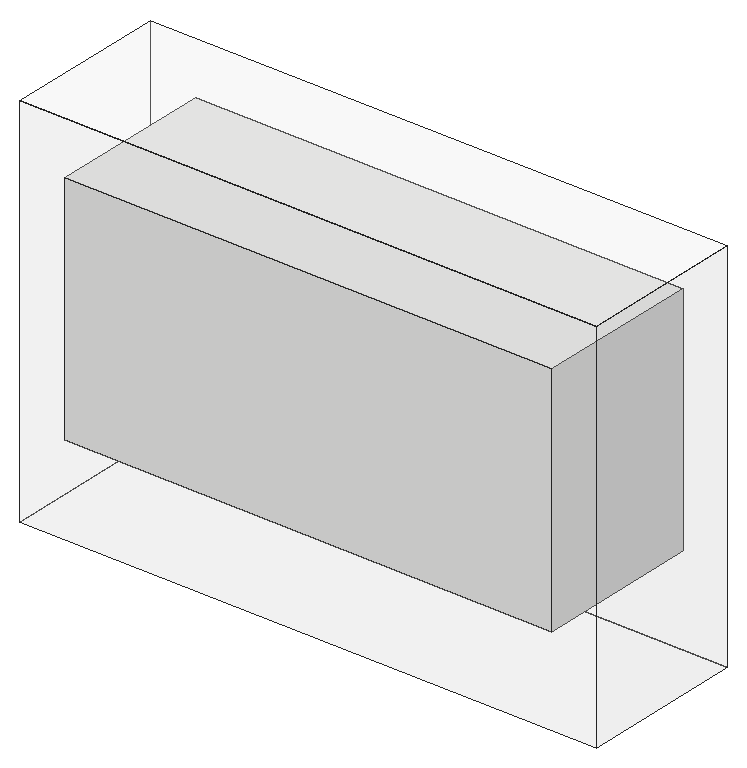
Revit family "vl-16_18(e)u(r)(h)3_60Hz", category 機械設備, Revit 2019
Family settings
  丸型コネクタ寸法 = 直径を使用
  パーツ タイプ = 標準
  OmniClass 番号 = 23.75.35.17.27
  OmniClass タイトル = Centrifugal Fans
  作業面ベース = いいえ
  常に垂直 = はい
  ロード時にボイドで切り取り = いいえ
  共有 = いいえ
  部屋計算ポイント = いいえ
Parameters (values of type "VL-16EU3")
  騒音レベル(dB(A)) [instance] = 38.5
  風量 [instance] = 93.0 m³/h
  電源種別 [instance] = ""
  電圧 = 100 V
  電動機出力 = 0 W
  電動機_種別 [instance] = ""
  運転質量 = 0.00 kg
  連動 [instance] = ""
  質量 = if(製品質量 > 運転質量, 製品質量, 運転質量) * 1.2  # 7.20 kg
  負荷分類 = 3_ファン類
  説明 = "換気空清機ロスナイ 準寒冷･温暖地仕様 壁掛2パイプ取付タイプ"
  設計風量 [instance] = 0.0 m³/h
  設置方法 = "壁付"
  記号 [instance] = ""
  製造元 = "三菱電機株式会社"
  製品質量 = 6.00 kg
  製品出荷対象 = "国内"
  製品リリース年月 = "2019年5月16日"
  製品グループ = ""
  系統 [instance] = ""
  符号 [instance] = ""
  積算_科目 = "2 換気設備"
  積算_拾い区分 [instance] = ""
  相 = 1
  盤記号 [instance] = ""
  発停方法 [instance] = ""
  特殊仕様 [instance] = ""
  温度交換効率 = 70.00%
  メンテナンススペース = yes
  火災停止 [instance] = ""
  消費電力 = 38 W
  法定耐用年数 = "15"
  機外静圧 [instance] = 0.0 Pa
  極数 = 2
  材質 [instance] = ""
  操作・制御方式 = ""
  操作・制御スイッチ = ""
  排気量 [instance] = 0.0 m³/h
  形式 = ""
  幹線記号 [instance] = ""
  対象室 [instance] = ""
  実風量 [instance] = 0.0 m³/h
  始動方式 [instance] = "直入"
  外気量 [instance] = 0.0 m³/h
  呼称 = ""
  周波数 = 60 Hz
  参照している仕様書等のバージョン = ""
  分類コード = "50052504100030"
  分類グループ = ""
  価格 = 69700
  企業コード = "108420"
  付属品_防振装置 = ""
  付属品 [instance] = ""
  仕様書バージョン = "Version1.0"
  モデル = "VL-16EU3"
  マテリアル = 合成樹脂(白)
  ファンの種類 = ""
  ダクト径 = 75 mm
  コメント [instance] = ""
  Keynote = ""
  Width = 550 mm
  W1 = if(Width / 2 < Depth, Width / 2, Depth)  # 185 mm
  Version = ""
  Uniclass2015Version = "Systems v1.9"
  Uniclass2015Title = "Twin centrifugal fans"
  Uniclass2015Code = "Pr_65_67_29_89"
  URL = "https://www.mitsubishielectric.co.jp/ldg/wink/ssl/displayProduct.do?pid=301002"
  SpecificationReference = ""
  SpecificationDescription = ""
  SAサイズ_D = 75 mm
  Revision = ""
  ProductInformation = ""
  OmniClassCode = "23-33 31 19 13 13"
  MIN風量 = 50.0 m³/h
  MIN静圧 = 0.0 Pa
  MID風量 = 0.0 m³/h
  MID静圧 = 0.0 Pa
  MAX風量 = 93.0 m³/h
  MAX静圧 = 0.0 Pa
  IfcTypeProduct = ""
  IfcProduct = ""
  IfcExportType = "CENTRIFUGALBACKWARDINCLINEDCURVED"
  IfcExportAs = "IfcFanType"
  Height = 265 mm
  EAサイズ_D = 75 mm
  Duct_Pitch = 350 mm
  Duct_H = 15 mm
  Depth = 185 mm
  Clearance Top = 60.5 mm
  Clearance Right = 50 mm
  Clearance Left = 50 mm
  Clearance Front = 0 mm
  Clearance Bottom = 100.5 mm
  Clearance Back = 0 mm
  Author = "三菱電機株式会社"
Types (4, lengths in mm): name | 騒音レベル(dB(A)) | 風量 | 質量 | 製品質量 | 温度交換効率 | 消費電力 | 価格 | モデル | ダクト径 | Width | URL | SAサイズ_D | MIN風量 | MAX風量 | Height | EAサイズ_D | Duct_H
  VL-18EUH3 | 28 | 45.0 m³/h | 8.40 kg | 7.00 kg | 67.00% | 22 W | 78400 | "VL-18EUH3" | 100 | 620 | "https://www.mitsubishielectric.co.jp/ldg/wink/ssl/displayProduct.do?pid=301011" | 100 | 0.0 m³/h | 45.0 m³/h | 285 | 100 | 25
  VL-18URH3 | 28 | 45.0 m³/h | 8.40 kg | 7.00 kg | 67.00% | 22 W | 90200 | "VL-18URH3" | 100 | 620 | "https://www.mitsubishielectric.co.jp/ldg/wink/ssl/displayProduct.do?pid=300945" | 100 | 0.0 m³/h | 45.0 m³/h | 285 | 100 | 25
  VL-16U3 | 38.5 | 93.0 m³/h | 7.20 kg | 6.00 kg | 70.00% | 38 W | 64500 | "VL-16U3" | 75 | 550 | "https://www.mitsubishielectric.co.jp/ldg/wink/ssl/displayProduct.do?pid=301006" | 75 | 50.0 m³/h | 93.0 m³/h | 265 | 75 | 15
  VL-16EU3 | 38.5 | 93.0 m³/h | 7.20 kg | 6.00 kg | 70.00% | 38 W | 69700 | "VL-16EU3" | 75 | 550 | "https://www.mitsubishielectric.co.jp/ldg/wink/ssl/displayProduct.do?pid=301002" | 75 | 50.0 m³/h | 93.0 m³/h | 265 | 75 | 15
Reference planes
  plane 1 "中心(正面/背面)": y = 0
  plane 2: z = 0
  plane 3 "中心(左/右)": x = 0
  plane 4: x = 325
  plane 5: y = 0
  plane 6: y = -185
  plane 7: x = -275
  plane 8: x = 275
  plane 9: y = -185
  plane 10: z = 193
  plane 11: z = -132.5
  plane 12: x = -325
  plane 13: z = -233
  plane 14: y = -92.5
  plane 15: z = 132.5
  plane 16: z = -15
  plane 17: x = -137.5
  plane 18: x = 137.5
  plane 19: x = 175
  plane 20: x = -175
  plane 21: y = 1
Forms (mm)
  Extrusion 1, solid, material "合成樹脂(白)" <- "マテリアル", detail levels fine
    sketch origin (0, 0, 0) x (1, 0, 0) y (0, 1, 0)
      loop
        line (-275, 0) -> (-275, -185) -> (275, -185) -> (275, 0) -> (-275, 0)
    from -132.5 to 132.5
  Extrusion 2, solid, material "合成樹脂(白)" <- "マテリアル", detail levels fine
    sketch origin (0, 0, 0) x (1, 0, 0) y (0, 0, 1)
      loop
        circle (175, -15) r 37.5
    from -1 to 0
  Extrusion 3, solid, material "合成樹脂(白)" <- "マテリアル", detail levels fine
    sketch origin (0, 0, 0) x (1, 0, 0) y (0, 0, 1)
      loop
        circle (-175, -15) r 37.5
    from -1 to 0
Lines and regions (mm)
  Masking region 1, detail levels coarse+medium
    outline origin (2279.921, -68.194, 0) x (1, 0, 0) y (0, 1, 0)
      loop
        line (-2554.921, 68.194) -> (-2554.921, -116.806) -> (-2004.921, -116.806) -> (-2004.921, 68.194) -> (-2554.921, 68.194)
  symbolic lines, detail levels coarse+medium
    curve 1: circle (137.5, -92.5, 0) r 92.5 normal (0, 0, 1)
    curve 2: circle (-137.5, -92.5, 0) r 92.5 normal (0, 0, 1)
Dimensions and locks
  equal spacing: plane 7, plane 3 "中心(左/右)", plane 8
  "Width": plane 7 to plane 8
  "Clearance Left": plane 12 to plane 7
  "Depth": plane 1 "中心(正面/背面)" to plane 9
  "Clearance Front": plane 9 to plane 6
  "Clearance Back": plane 5 to plane 1 "中心(正面/背面)"
  "Clearance Right": plane 8 to plane 4
  "Clearance Bottom": plane 11 to plane 13
  equal spacing: plane 1 "中心(正面/背面)", plane 14, plane 9
  "Height": plane 15 to plane 11
  "Clearance Top": plane 10 to plane 15
  equal spacing: plane 15, level, plane 11
  "Duct_H": level to plane 16
  equal spacing: plane 7, plane 17, plane 3 "中心(左/右)"
  equal spacing: plane 3 "中心(左/右)", plane 18, plane 8
  equal spacing: plane 20, plane 3 "中心(左/右)", plane 19  (x2)
  locked: plane 21 to plane 1 "中心(正面/背面)" at 1
  "Duct_Pitch": plane 20 to plane 19
  "W1": diameter of curve 2
  "W1": diameter of curve 1
  "SAサイズ_D": diameter of Extrusion 2 sketch curve
  "EAサイズ_D": diameter of Extrusion 3 sketch curve
  aligned and locked: level to plane 2
  aligned and locked: plane 8 to Extrusion 1
  aligned and locked: Extrusion 1 to plane 9
  aligned and locked: Extrusion 1 to plane 7
  aligned and locked: Extrusion 1 to plane 11
  aligned and locked: Extrusion 1 to plane 1 "中心(正面/背面)"
  aligned and locked: plane 15 to Extrusion 1
  aligned and locked: nested 1 to plane 6
  aligned and locked: nested 1 to plane 5
  aligned and locked: plane 12 to nested 1
  aligned and locked: plane 4 to nested 1
  aligned and locked: plane 13 to nested 1
  aligned and locked: plane 10 to nested 1
  aligned and locked: Masking region 1 to plane 7
  aligned and locked: plane 8 to Masking region 1
  aligned and locked: Masking region 1 to plane 1 "中心(正面/背面)"
  aligned and locked: Masking region 1 to plane 9
  aligned and locked: plane 1 "中心(正面/背面)" to Extrusion 3
  aligned and locked: plane 21 to Extrusion 3
  aligned and locked: plane 21 to Extrusion 2
  aligned and locked: plane 1 "中心(正面/背面)" to Extrusion 2
Automatic sketch dimensions
  Extrusion 1 sketch curve to plane 3 "中心(左/右)" = 275 mm
  plane 3 "中心(左/右)" to Extrusion 1 sketch curve = 275 mm
  plane 1 "中心(正面/背面)" to Extrusion 1 sketch curve = 185 mm
  Extrusion 1 sketch curve to plane 1 "中心(正面/背面)" = 0 mm
  Masking region 1 sketch curve to plane 4 = 600 mm
  Masking region 1 sketch curve to Masking region 1 sketch curve = 550 mm
  plane 6 to Masking region 1 sketch curve = 0 mm
  plane 14 to Masking region 1 sketch curve = 92.5 mm
  curve 2 to plane 14 = 0 mm
  curve 2 to plane 17 = 0 mm
  curve 1 to plane 14 = 0 mm
  curve 1 to plane 18 = 0 mm
  Extrusion 2 sketch curve to plane 16 = 0 mm
  plane 19 to Extrusion 2 sketch curve = 0 mm
  Extrusion 3 sketch curve to plane 16 = 0 mm
  plane 20 to Extrusion 3 sketch curve = 0 mm
Nested families
  nested 1: "メンテナンススペース" at (0, -92.5, -20), visible <- "メンテナンススペース", type "メンテナンススペース"
    with Width 650 mm, Height 426 mm, Depth 185 mm
Connectors
  electrical at (0, 0, 0), driven by "極数", driven by "電圧", driven by "消費電力"
    settings: on Extrusion 1, index 1, voltage 100 V, apparent load 38 VA, apparent load phase1 0 VA, apparent load phase2 0 VA, apparent load phase3 0 VA, power factor 1, load classification "その他", number of poles 2, system type 30, power factor state 1, is connector primary yes, connector utility no, sub classification motor no, connector description ""
  hvac at (175, 1, -15), driven by "ダクト径", driven by "機外静圧", driven by "風量"
    settings: on Extrusion 2, index 2, duct flow 93.0 m³/h, flow factor 0, pres drop 0.0 Pa, loss coef 0, conn angle 0.00°, conn width 304.8 mm, conn height 304.8 mm, conn diameter 75 mm, duct sys type 1, conn prof type 0, flow config 0, flow direction 1, loss method 4, conn ref index -1, conn util no, is conn primary yes, conn desc ""
  hvac at (-175, 1, -15), driven by "ダクト径", driven by "機外静圧", driven by "風量"
    settings: on Extrusion 3, index 3, duct flow 93.0 m³/h, flow factor 0, pres drop 0.0 Pa, loss coef 0, conn angle 0.00°, conn width 304.8 mm, conn height 304.8 mm, conn diameter 75 mm, duct sys type 3, conn prof type 0, flow config 0, flow direction 2, loss method 4, conn ref index -1, conn util no, is conn primary no, conn desc ""
Definition of nested family "メンテナンススペース"
  Parameters (values of type "メンテナンススペース")
    Width [instance] = 500 mm
    Height [instance] = 500 mm
    Depth [instance] = 500 mm
  Reference planes
    plane 1 "中心(正面/背面)": y = 0
    plane 2: z = 0
    plane 3 "中心(左/右)": x = 0
    plane 4: y = -250
    plane 5: x = 250
    plane 6: y = 250
    plane 7: x = -250
    plane 8: z = 250
    plane 9: z = -250
  Forms (mm)
    Extrusion 1, solid
      sketch origin (-638.939, 0, 72.39) x (1, 0, 0) y (0, 1, 0)
        loop
          line (388.939, 250) -> (388.939, -250) -> (888.939, -250) -> (888.939, 250) -> (388.939, 250)
      from -322.39 to 177.61
  Lines and regions (mm)
    symbolic lines
      curve 1: line (-250, 0, 250) -> (250, 0, 250)
      curve 2: line (-250, 0, -250) -> (-250, 0, 250)
      curve 3: line (250, 0, -250) -> (-250, 0, -250)
      curve 4: line (250, 0, 250) -> (250, 0, -250)
      curve 5: line (0, -250, 250) -> (0, 250, 250)
      curve 6: line (0, -250, -250) -> (0, -250, 250)
      curve 7: line (0, 250, -250) -> (0, -250, -250)
      curve 8: line (0, 250, 250) -> (0, 250, -250)
      curve 9: line (-250, 250, 0) -> (250, 250, 0)
      curve 10: line (-250, -250, 0) -> (-250, 250, 0)
      curve 11: line (250, -250, 0) -> (-250, -250, 0)
      curve 12: line (250, 250, 0) -> (250, -250, 0)
  Dimensions and locks
    equal spacing: plane 7, plane 3 "中心(左/右)", plane 5
    equal spacing: plane 4, plane 1 "中心(正面/背面)", plane 6
    "Depth": plane 4 to plane 6
    "Width": plane 7 to plane 5
    equal spacing: plane 8, plane 2, plane 9
    "Height": plane 8 to plane 9
    aligned and locked: plane 9 to curve 3
    aligned and locked: plane 7 to curve 2
    aligned and locked: curve 4 to plane 5
    aligned and locked: plane 5 to Extrusion 1
    aligned and locked: Extrusion 1 to plane 7
    aligned and locked: Extrusion 1 to plane 9
    aligned and locked: plane 8 to Extrusion 1
    aligned and locked: plane 9 to curve 7
  Automatic sketch dimensions
    plane 4 to Extrusion 1 sketch curve = 0 mm
    Extrusion 1 sketch curve to plane 7 = 0 mm
    Extrusion 1 sketch curve to plane 5 = 0 mm
    plane 6 to Extrusion 1 sketch curve = 0 mm
    curve 2 to plane 8 = 0 mm
    plane 4 to curve 11 = 0 mm
    curve 11 to plane 7 = 0 mm
    curve 11 to plane 5 = 0 mm
    plane 6 to curve 10 = 0 mm
    curve 7 to plane 4 = 0 mm
    curve 7 to plane 6 = 0 mm
    curve 6 to plane 8 = 0 mm
